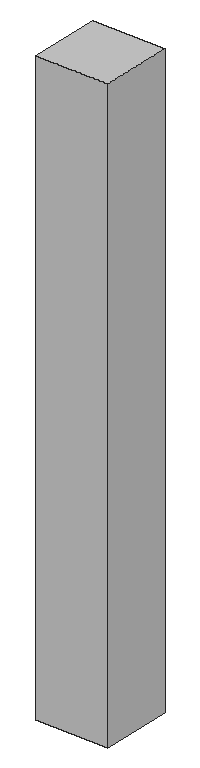
Revit family "M_Concreto-Quadrado-Coluna", category Pilares estruturais, Revit 2019
Family settings
  Exibir em vistas ocultas = Arestas ocultadas por outros membros
  Forma do corte = Não definido
  Material para o comportamento do modelo = Concreto
  Exportar sempre como geometria = Não
  Redução da viga na planta = Da caixa de vinculação
  Número OmniClass = 23.25.30.11.14.11
  Título OmniClass = Columns
  ID de item do Seek = Concrete-Square-Column-0000-CAN-ENU
  Corte com vazios quando carregada = Não
  Representação simbólica = Da família
  Compartilhado = Não
  Exibir o pré-corte da família na vista da planta = Sim
Parameters (values of type "300 x 300mm")
  b = 300 mm
  Structural Material [instance] = Concreto, Moldado no local - Cinza
Types (5, lengths in mm): name | b
  (no name) | 300
  300 x 300mm | 300
  450 x 450mm | 450
  600 x 600mm | 600
  750 x 750mm | 750
Reference planes
  plane 1 "Centro (Frente/Trás)": y = 0
  plane 2: z = 0
  plane 3 "Centro (Esquerda/Direita)": x = 0
  plane 4: x = -150
  plane 5: x = 150
  plane 6: y = 150
  plane 7: y = -150
Forms (mm)
  Extrusion 1, solid, material "Concreto, Moldado no local - Cinza" <- "Structural Material"
    sketch origin (0, 0, 0) x (1, 0, 0) y (0, 1, 0)
      loop
        line (-150, 150) -> (-150, -150) -> (150, -150) -> (150, 150) -> (-150, 150)
    from 0 to 2500
Dimensions and locks
  equal spacing: plane 4, plane 3 "Centro (Esquerda/Direita)", plane 5
  equal spacing: plane 7, plane 1 "Centro (Frente/Trás)", plane 6
  "b": plane 7 to plane 6
  "b": plane 4 to plane 5
  aligned and locked: plane 6 to Extrusion 1 sketch curve
  aligned and locked: Extrusion 1 sketch curve to plane 7
  aligned and locked: Extrusion 1 sketch curve to plane 4
  aligned and locked: plane 5 to Extrusion 1 sketch curve
  aligned and locked: level to Extrusion 1
  aligned and locked: level to plane 2
  aligned and locked: Extrusion 1 to plane 2
